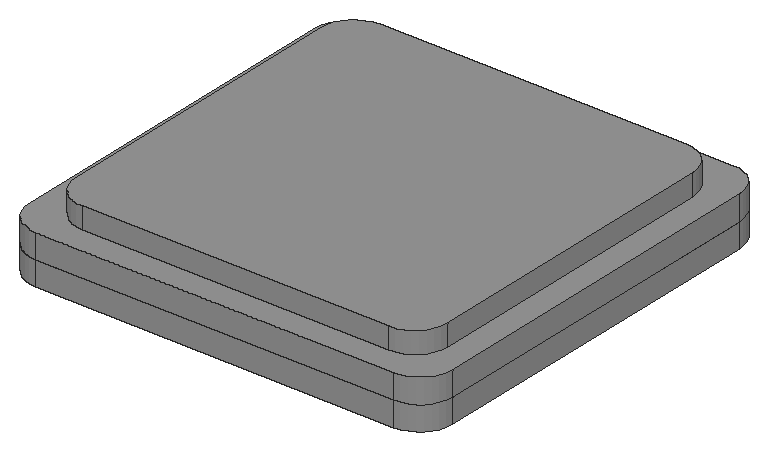
Revit family "FMS2_63_UN_Surface-mounted_ETK", category Lighting Fixtures, Revit 2019 (continued)
Definition of nested family "FMS.2 - Lightsource"
  Types (14, lengths in mm): name | Wattage Comments | Wattage | built-in parameter 1150134 | Photometric Web File | built-in parameter 1150142 | built-in parameter 1150105 | Lumens | built-in parameter 1150107 | built-in parameter 1150106 | Apparent Load
    FMS.1150.10 - Ø270 / 18W / 1120lm / 4000K | "18W" | 7.53996 W | 12 | "FMS.1150.10.ies" | "IESNA:LM-63-2002\r\n[TEST] /2016\r\n[TESTLAB] ies2eulumdat.appspot.com\r\n[ISSUEDATE] 2021-10-05T13:46:04.660\r\n[MANUFAC] www.etk.nl\r\n[LUMCAT] FMS.1130.10\r\n[LUMINAIRE] FMS.1 LED 18W 4000K 1120lm sensor std ø270 Ledeshi Slice circle III MW Sensor\r\n[LAMPCAT] LED\r\n[LAMP] LED\r\nTILT=NONE\r\n1\t1381\t1\t181\t72\t1\t2\t-0.270\t-0.270\t0\r\n1.0\t1.0\t15.30\r\n0\t 0.5\t 1\t 1.5\t 2\t 2.5\t 3\t 3.5\t 4\t 4.5\r\n5\t 5.5\t 6\t 6.5\t 7\t 7.5\t 8\t 8.5\t 9\t 9.5\r\n10\t 10.5\t 11\t 11.5\t 12\t 12.5\t 13\t 13.5\t 14\t 14.5\r\n15\t 15.5\t 16\t 16.5\t 17\t 17.5\t 18\t 18.5\t 19\t 19.5\r\n20\t 20.5\t 21\t 21.5\t 22\t 22.5\t 23\t 23.5\t 24\t 24.5\r\n25\t 25.5\t 26\t 26.5\t 27\t 27.5\t 28\t 28.5\t 29\t 29.5\r\n30\t 30.5\t 31\t 31.5\t 32\t 32.5\t 33\t 33.5\t 34\t 34.5\r\n35\t 35.5\t 36\t 36.5\t 37\t 37.5\t 38\t 38.5\t 39\t 39.5\r\n40\t 40.5\t 41\t 41.5\t 42\t 42.5\t 43\t 43.5\t 44\t 44.5\r\n45\t 45.5\t 46\t 46.5\t 47\t 47.5\t 48\t 48.5\t 49\t 49.5\r\n50\t 50.5\t 51\t 51.5\t 52\t 52.5\t 53\t 53.5\t 54\t 54.5\r\n55\t 55.5\t 56\t 56.5\t 57\t 57.5\t 58\t 58.5\t 59\t 59.5\r\n60\t 60.5\t 61\t 61.5\t 62\t 62.5\t 63\t 63.5\t 64\t 64.5\r\n65\t 65.5\t 66\t 66.5\t 67\t 67.5\t 68\t 68.5\t 69\t 69.5\r\n70\t 70.5\t 71\t 71.5\t 72\t 72.5\t 73\t 73.5\t 74\t 74.5\r\n75\t 75.5\t 76\t 76.5\t 77\t 77.5\t 78\t 78.5\t 79\t 79.5\r\n80\t 80.5\t 81\t 81.5\t 82\t 82.5\t 83\t 83.5\t 84\t 84.5\r\n85\t 85.5\t 86\t 86.5\t 87\t 87.5\t 88\t 88.5\t 89\t 89.5\r\n90\r\n0\t 5\t 10\t 15\t 20\t 25\t 30\t 35\t 40\t 45\r\n50\t 55\t 60\t 65\t 70\t 75\t 80\t 85\t 90\t 95\r\n100\t 105\t 110\t 115\t 120\t 125\t 130\t 135\t 140\t 145\r\n150\t 155\t 160\t 165\t 170\t 175\t 180\t 185\t 190\t 195\r\n200\t 205\t 210\t 215\t 220\t 225\t 230\t 235\t 240\t 245\r\n250\t 255\t 260\t 265\t 270\t 275\t 280\t 285\t 290\t 295\r\n300\t 305\t 310\t 315\t 320\t 325\t 330\t 335\t 340\t 345\r\n350\t 355\r\n502.9602\t502.2697\t501.5792\t501.303\t500.8887\t500.3363\t499.6458\t499.2315\t498.6791\t497.8505\r\n497.16\t496.3314\t495.5028\t494.5361\t493.5694\t492.4646\t491.2217\t490.255\t489.2883\t488.0454\r\n486.8025\t485.4215\t484.0405\t482.6595\t481.2785\t479.7594\t478.2403\t476.5831\t475.064\t473.4068\r\n471.7496\t469.8162\t468.0209\t466.0875\t464.1541\t462.2207\t460.1492\t458.0777\t456.0062\t453.9347\r\n451.7251\t449.6536\t447.5821\t445.2344\t442.7486\t440.2628\t437.777\t435.4293\t433.0816\t430.4577\r\n427.8338\t425.348\t422.8622\t420.2383\t417.4763\t414.5762\t411.8142\t409.0522\t406.2902\t403.5282\r\n400.7662\t397.728\t394.5517\t391.6516\t388.7515\t385.7133\t382.8132\t379.6369\t376.4606\t373.4224\r\n370.2461\t367.2079\t364.1697\t360.7172\t357.4028\t354.0884\t350.774\t347.5977\t344.4214\t340.8308\r\n337.3783\t333.9258\t330.4733\t327.1589\t323.8445\t320.392\t316.9395\t313.2108\t309.6202\t306.1677\r\n302.7152\t298.9865\t295.2578\t291.6672\t288.0766\t284.486\t280.8954\t277.1667\t273.2999\t269.7093\r\n265.9806\t262.2519\t258.5232\t254.7945\t250.9277\t247.3371\t243.7465\t239.8797\t236.0129\t232.008\r\n228.0031\t224.4125\t220.8219\t216.9551\t213.2264\t209.0834\t205.0785\t201.2117\t197.3449\t193.4781\r\n189.6113\t185.4683\t181.4634\t177.7347\t173.8679\t170.0011\t165.9962\t161.9913\t157.8483\t153.9815\r\n150.2528\t146.5241\t142.7954\t138.7905\t134.7718\t130.6978\t126.6239\t122.9366\t119.2355\t115.3687\r\n111.5019\t107.8285\t104.1412\t100.4125\t96.6976\t92.9551\t89.2264\t85.4839\t81.7552\t78.3027\r\n74.864\t71.5496\t68.2352\t64.9761\t61.7031\t58.5544\t55.4057\t52.4228\t49.4398\t46.5397\r\n43.6534\t40.7395\t37.8256\t35.1741\t32.5226\t30.0229\t27.5371\t25.2861\t23.0351\t21.0741\r\n19.113\t16.061\t13.0118\t10.1559\t7.3013\t6.7545\t6.209\t5.8775\t5.5461\t5.3141\r\n5.0821\r\n502.9602\t502.2697\t501.4411\t501.0268\t500.6125\t499.922\t499.2315\t498.6791\t497.9886\t497.16\r\n496.3314\t495.5028\t494.5361\t493.5694\t492.6027\t491.3598\t490.1169\t489.0121\t487.9073\t486.6644\r\n485.4215\t483.9024\t482.5214\t481.0023\t479.4832\t477.9641\t476.3069\t474.6497\t472.9925\t471.3353\r\n469.6781\t467.7447\t465.6732\t463.7398\t461.8064\t459.873\t457.8015\t455.5919\t453.5204\t451.3108\r\n449.1012\t446.8916\t444.8201\t442.3343\t439.9866\t437.3627\t434.8769\t432.3911\t430.0434\t427.4195\r\n424.7956\t422.1717\t419.6859\t416.9239\t414.3\t411.3999\t408.4998\t405.7378\t402.8377\t400.0757\r\n397.3137\t394.2755\t391.0992\t388.061\t385.1609\t382.1227\t379.2226\t376.0463\t372.87\t369.6937\r\n366.6555\t363.4792\t360.3029\t356.9885\t353.6741\t350.3597\t347.0453\t343.7309\t340.4165\t337.1021\r\n333.6496\t330.1971\t326.7446\t323.2921\t319.8396\t316.5252\t313.0727\t309.4821\t305.8915\t302.3009\r\n298.8484\t295.2578\t291.5291\t287.9385\t284.3479\t280.7573\t277.1667\t273.438\t269.7093\t266.1187\r\n262.39\t258.6613\t254.9326\t251.2039\t247.4752\t243.7465\t240.0178\t236.2891\t232.5604\t228.6936\r\n224.8268\t220.96\t217.2313\t213.5026\t209.7739\t205.9071\t202.0403\t198.0354\t194.3067\t190.4399\r\n186.5731\t182.7063\t178.7014\t174.8346\t170.9678\t167.2391\t163.3723\t159.5055\t155.6387\t151.7719\r\n147.9051\t144.1764\t140.4477\t136.6776\t132.8798\t129.0821\t125.2429\t121.4037\t117.7441\t114.0982\r\n110.3833\t106.6684\t103.0778\t99.5425\t96.0485\t92.4027\t88.7983\t85.2353\t81.7276\t78.2751\r\n74.864\t71.522\t68.2352\t65.0451\t61.8964\t58.803\t55.7648\t52.9061\t50.1027\t47.1611\r\n44.2334\t41.2505\t38.1985\t34.9945\t31.3763\t27.8824\t24.7061\t21.7093\t19.0026\t16.572\r\n14.3348\t12.824\t11.5037\t10.3175\t9.319\t8.5871\t8.0858\t7.7612\t2.0356\t0\r\n0\r\n502.9602\t502.1316\t501.303\t500.8887\t500.3363\t499.6458\t498.8172\t498.1267\t497.4362\t496.6076\r\n495.6409\t494.8123\t493.8456\t492.7408\t491.636\t490.3931\t489.1502\t487.9073\t486.8025\t485.4215\r\n484.1786\t482.6595\t481.1404\t479.6213\t478.1022\t476.445\t474.7878\t473.1306\t471.3353\t469.6781\r\n467.8828\t465.9494\t464.016\t461.9445\t460.0111\t457.9396\t455.8681\t453.7966\t451.587\t449.3774\r\n447.1678\t444.9582\t442.7486\t440.4009\t437.9151\t435.4293\t432.9435\t430.3196\t427.8338\t425.348\r\n422.7241\t420.1002\t417.4763\t414.8524\t412.2285\t409.4665\t406.5664\t403.6663\t400.9043\t398.0042\r\n395.2422\t392.3421\t389.3039\t386.1276\t383.2275\t380.3274\t377.2892\t374.251\t371.0747\t367.8984\r\n364.7221\t361.6839\t358.5076\t355.3313\t352.0169\t348.7025\t345.3881\t342.2118\t338.8974\t335.583\r\n332.2686\t328.8161\t325.5017\t322.0492\t318.5967\t315.2823\t311.8298\t308.3773\t305.0629\t301.4723\r\n298.0198\t294.4292\t290.8386\t287.3861\t283.9336\t280.343\t276.7524\t273.2999\t269.7093\t266.1187\r\n262.5281\t258.7994\t255.2088\t251.6182\t247.8895\t244.2989\t240.5702\t236.9796\t233.2509\t229.6603\r\n225.9316\t222.2029\t218.6123\t214.8836\t211.1549\t207.2881\t203.4213\t199.4164\t195.4115\t191.4066\r\n187.5398\t183.673\t179.6681\t175.6632\t171.6583\t167.6534\t163.7866\t159.9198\t156.1911\t152.3243\r\n148.4575\t144.5907\t140.7239\t137.0366\t133.3494\t129.6897\t126.0439\t122.3428\t118.6555\t115.0235\r\n111.4467\t107.9666\t104.5831\t101.2135\t97.7334\t94.2809\t90.8698\t87.3344\t83.7715\t80.3742\r\n77.0322\t73.8145\t70.652\t67.5723\t64.5618\t61.6064\t58.6925\t55.8338\t52.9752\t50.0613\r\n47.175\t43.971\t40.7119\t37.577\t34.5664\t31.6939\t28.9596\t26.3771\t23.9742\t21.806\r\n19.8588\t18.0359\t16.3372\t14.7353\t13.2245\t10.0371\t3.3061\t0\t0\t0\r\n0\r\n502.9602\t502.1316\t501.1649\t500.6125\t500.0601\t499.2315\t498.4029\t497.7124\t496.8838\t496.0552\r\n495.0885\t494.1218\t493.017\t491.9122\t490.8074\t489.5645\t488.1835\t486.9406\t485.6977\t484.4548\r\n483.0738\t481.6928\t480.0356\t478.5165\t476.8593\t475.3402\t473.683\t471.8877\t470.0924\t468.4352\r\n466.6399\t464.8446\t462.7731\t460.7016\t458.7682\t456.6967\t454.6252\t452.5537\t450.3441\t448.1345\r\n445.9249\t443.7153\t441.3676\t439.158\t436.8103\t434.3245\t431.8387\t429.3529\t426.729\t424.2432\r\n421.7574\t419.1335\t416.5096\t413.8857\t411.2618\t408.4998\t405.7378\t402.9758\t400.0757\t397.3137\r\n394.5517\t391.6516\t388.8896\t385.8514\t382.8132\t379.775\t377.013\t373.9748\t370.9366\t367.8984\r\n364.7221\t361.6839\t358.6457\t355.4694\t352.2931\t349.1168\t345.9405\t342.7642\t339.5879\t336.2735\r\n333.0972\t329.7828\t326.4684\t323.154\t319.9777\t316.6633\t313.3489\t309.8964\t306.582\t303.2676\r\n299.9532\t296.6388\t293.1863\t289.3195\t285.4527\t281.8621\t278.1334\t274.4047\t270.5379\t266.8092\r\n263.0805\t259.3518\t255.485\t251.6182\t247.8895\t244.0227\t240.294\t236.4272\t232.6985\t228.8317\r\n225.103\t221.2362\t217.5075\t213.7788\t209.912\t206.0452\t202.1784\t198.5878\t194.8591\t191.2685\r\n187.5398\t183.8111\t179.9443\t176.2156\t172.625\t168.8963\t165.3057\t161.7151\t157.9864\t154.3958\r\n150.8052\t147.3527\t143.7621\t139.8953\t135.9871\t132.0512\t128.0877\t124.1657\t120.5475\t116.9431\r\n113.3525\t109.7757\t106.2265\t102.6912\t99.1972\t95.7862\t92.4441\t89.1574\t85.9534\t82.8186\r\n79.7389\t76.6731\t73.4968\t70.3896\t67.3928\t64.4651\t61.6202\t58.803\t56.0134\t53.2652\r\n50.5722\t47.8516\t45.1587\t42.4934\t39.7866\t37.1075\t34.5112\t31.984\t29.512\t27.109\r\n24.7751\t22.4965\t20.2869\t13.1457\t5.7187\t0\t0\t0\t0\t0\r\n0\r\n502.9602\t501.9935\t501.1649\t500.4744\t499.7839\t498.9553\t498.1267\t497.2981\t496.4695\t495.5028\r\n494.5361\t493.5694\t492.4646\t491.3598\t490.1169\t488.874\t487.493\t486.112\t484.8691\t483.6262\r\n482.2452\t480.7261\t479.207\t477.5498\t476.0307\t474.5116\t472.8544\t471.0591\t469.2638\t467.4685\r\n465.6732\t463.8779\t462.0826\t460.0111\t457.9396\t455.8681\t453.9347\t451.8632\t449.6536\t447.444\r\n445.2344\t443.0248\t440.8152\t438.6056\t436.2579\t433.9102\t431.5625\t429.2148\t426.5909\t424.1051\r\n421.6193\t419.1335\t416.5096\t414.0238\t411.3999\t408.776\t406.1521\t403.3901\t400.6281\t397.8661\r\n395.1041\t392.3421\t389.5801\t386.8181\t384.0561\t381.0179\t378.1178\t375.2177\t372.3176\t369.5556\r\n366.5174\t363.4792\t360.441\t357.4028\t354.3646\t351.4645\t348.2882\t344.8357\t341.2451\t337.7926\r\n334.202\t330.6114\t327.1589\t323.5683\t319.9777\t316.3871\t312.7965\t309.2059\t305.6153\t302.0247\r\n298.296\t294.7054\t291.1148\t287.5242\t283.9336\t280.343\t276.6143\t273.0237\t269.4331\t265.8425\r\n262.2519\t258.5232\t254.9326\t251.342\t247.8895\t244.1608\t240.5702\t236.9796\t233.2509\t229.6603\r\n226.0697\t222.6172\t219.0266\t215.436\t211.8454\t208.3929\t204.9404\t201.4879\t197.8973\t194.1686\r\n190.0256\t185.8826\t181.8777\t178.149\t174.2822\t170.4154\t166.5486\t162.5437\t158.6769\t154.8101\r\n151.0814\t147.3527\t143.624\t139.8953\t136.2495\t132.5898\t128.944\t125.3396\t121.8594\t118.4207\r\n115.0235\t111.6262\t108.2704\t104.7765\t101.2825\t97.83\t94.4328\t91.0908\t87.804\t84.5586\r\n81.3961\t78.2889\t75.2507\t72.2539\t69.2986\t66.3985\t63.5398\t60.7226\t57.9468\t55.24\r\n52.5885\t49.9922\t47.4512\t44.9654\t42.5072\t40.0628\t37.6599\t35.2846\t32.8678\t30.4787\r\n25.3414\t17.1382\t8.953\t0.7955\t0\t0\t0\t0\t0\t0\r\n0\r\n502.9602\t501.9935\t501.0268\t500.1982\t499.5077\t498.6791\t497.7124\t496.8838\t496.0552\t495.0885\r\n494.1218\t493.017\t491.9122\t490.8074\t489.5645\t488.3216\t486.9406\t485.5596\t484.1786\t482.9357\r\n481.5547\t480.1737\t478.6546\t476.9974\t475.4783\t473.8211\t472.1639\t470.5067\t468.7114\t466.9161\r\n465.1208\t463.3255\t461.5302\t459.7349\t457.6634\t455.5919\t453.6585\t451.587\t449.6536\t447.444\r\n445.3725\t443.1629\t440.8152\t438.7437\t436.5341\t434.1864\t431.9768\t429.6291\t427.2814\t424.9337\r\n422.4479\t419.9621\t417.4763\t414.9905\t412.5047\t410.157\t407.5331\t404.9092\t402.2853\t399.6614\r\n397.0375\t394.2755\t391.6516\t388.8896\t386.2657\t383.3656\t380.0512\t376.7368\t373.4224\t369.9699\r\n366.6555\t363.3411\t360.0267\t356.5742\t353.1217\t349.6692\t346.3548\t342.9023\t339.5879\t336.1354\r\n332.5448\t329.0923\t325.6398\t322.3254\t318.8729\t315.4204\t311.9679\t308.5154\t305.0629\t301.6104\r\n298.1579\t294.7054\t291.2529\t287.8004\t284.3479\t280.8954\t277.4429\t273.9904\t270.5379\t267.0854\r\n263.6329\t260.1804\t256.866\t253.4135\t249.961\t246.5085\t243.056\t239.7416\t236.151\t232.1461\r\n228.2793\t224.2744\t220.2695\t216.4027\t212.3978\t208.531\t204.6642\t200.7974\t197.0687\t193.2019\r\n189.3351\t185.4683\t181.7396\t178.149\t174.4203\t170.6916\t166.9629\t163.2342\t159.5055\t155.9149\r\n152.3243\t148.8718\t145.2812\t141.8287\t138.3762\t134.6199\t130.905\t127.2453\t123.6133\t119.9951\r\n116.3907\t112.8277\t109.3062\t105.8537\t102.4426\t99.0729\t95.7447\t92.4303\t89.1712\t85.9396\r\n82.7633\t79.6423\t76.5626\t73.5383\t70.5967\t67.7242\t64.8794\t62.0621\t59.2863\t56.5243\r\n53.79\t51.0832\t48.404\t45.7663\t43.1562\t40.56\t38.0051\t35.4641\t27.8824\t19.8588\r\n11.8435\t3.8226\t0\t0\t0\t0\t0\t0\t0\t0\r\n0\r\n502.9602\t501.9935\t500.8887\t500.0601\t499.3696\t498.4029\t497.5743\t496.6076\t495.6409\t494.6742\r\n493.7075\t492.6027\t491.4979\t490.255\t489.1502\t487.7692\t486.5263\t485.1453\t483.7643\t482.3833\r\n481.0023\t479.6213\t478.2403\t476.7212\t475.064\t473.5449\t471.8877\t470.2305\t468.7114\t466.9161\r\n465.1208\t463.3255\t461.3921\t459.5968\t457.8015\t456.0062\t453.9347\t451.8632\t449.9298\t447.9964\r\n445.9249\t443.8534\t441.6438\t439.4342\t437.3627\t435.1531\t433.0816\t430.872\t428.5243\t426.1766\r\n423.967\t421.7574\t419.4097\t416.9239\t414.5762\t412.0904\t409.6046\t406.8426\t403.9425\t400.7662\r\n397.4518\t394.2755\t391.0992\t387.9229\t384.7466\t381.5703\t378.2559\t375.0796\t371.9033\t368.727\r\n365.4126\t362.2363\t358.7838\t355.4694\t352.2931\t349.1168\t345.8024\t342.3499\t339.0355\t335.7211\r\n332.5448\t329.2304\t325.916\t322.6016\t319.2872\t315.9728\t312.6584\t309.344\t306.0296\t302.7152\r\n299.4008\t296.2245\t292.9101\t289.7338\t286.4194\t283.105\t279.9287\t276.6143\t273.2999\t269.5712\r\n265.7044\t261.9757\t257.9708\t254.104\t250.2372\t246.3704\t242.5036\t238.7749\t234.9081\t231.1794\r\n227.3126\t223.5839\t219.7171\t215.9884\t212.2597\t208.531\t204.9404\t201.2117\t197.6211\t193.8924\r\n190.3018\t186.5731\t182.9825\t179.3919\t175.8013\t172.2107\t168.7582\t165.1676\t161.4389\t157.5721\r\n153.7053\t149.9766\t146.2479\t142.6573\t139.0667\t135.4485\t131.8303\t128.2535\t124.7043\t121.1689\r\n117.6612\t114.1949\t110.7424\t107.3866\t104.0722\t100.7854\t97.54\t94.2532\t90.9527\t87.6797\r\n84.462\t81.2719\t78.1232\t75.0159\t71.9501\t68.9119\t65.9151\t62.9598\t60.0459\t57.1596\r\n54.3009\t51.4561\t48.6526\t45.8492\t43.0872\t38.9718\t31.0587\t23.1318\t15.2186\t7.3069\r\n0\t0\t0\t0\t0\t0\t0\t0\t0\t0\r\n0\r\n502.9602\t501.8554\t500.8887\t499.922\t499.0934\t498.2648\t497.2981\t496.3314\t495.3647\t494.398\r\n493.2932\t492.1884\t491.0836\t489.9788\t488.7359\t487.493\t486.2501\t484.8691\t483.4881\t482.1071\r\n480.7261\t479.3451\t477.9641\t476.5831\t475.064\t473.5449\t471.8877\t470.2305\t468.5733\t467.0542\r\n465.397\t463.6017\t461.8064\t460.0111\t458.2158\t456.4205\t454.6252\t452.8299\t450.7584\t448.6869\r\n446.7535\t444.9582\t443.0248\t440.9533\t438.8818\t436.6722\t434.6007\t432.3911\t430.4577\t428.3862\r\n426.1766\t423.1384\t420.2383\t417.3382\t414.4381\t411.3999\t408.3617\t405.3235\t402.2853\t399.109\r\n396.0708\t393.1707\t390.2706\t387.0943\t383.918\t380.7417\t377.5654\t374.5272\t371.3509\t368.1746\r\n365.1364\t361.9601\t358.9219\t355.7456\t352.7074\t349.5311\t346.3548\t343.1785\t339.8641\t336.8259\r\n333.6496\t330.4733\t327.297\t323.9826\t320.9444\t317.7681\t314.7299\t311.5536\t308.3773\t305.201\r\n302.0247\t298.4341\t294.7054\t290.9767\t287.1099\t283.3812\t279.6525\t275.7857\t272.057\t268.4664\r\n264.7377\t261.009\t257.2803\t253.5516\t249.8229\t246.0942\t242.3655\t238.7749\t235.0462\t231.4556\r\n227.865\t224.1363\t220.5457\t216.9551\t213.3645\t209.7739\t206.1833\t202.7308\t199.1402\t195.5496\r\n192.0971\t188.3684\t184.5016\t180.6348\t176.768\t173.0393\t169.1725\t165.4438\t161.7151\t158.1245\r\n154.3958\t150.8052\t147.0765\t143.4859\t139.8953\t136.3047\t132.7417\t129.2064\t125.6986\t122.2185\r\n118.766\t115.3273\t111.9162\t108.5328\t105.1632\t101.8211\t98.5067\t95.2061\t91.947\t88.7154\r\n85.4977\t82.3076\t79.1451\t75.9826\t72.8616\t69.7405\t66.6333\t63.5536\t60.4878\t57.4358\r\n54.3976\t51.387\t48.3902\t43.0596\t35.1465\t27.2471\t19.3478\t11.4471\t3.5519\t0\r\n0\t0\t0\t0\t0\t0\t0\t0\t0\t0\r\n0\r\n502.9602\t501.8554\t500.7506\t499.7839\t498.9553\t498.1267\t497.16\t496.0552\t495.0885\t494.1218\r\n493.017\t492.0503\t490.8074\t489.7026\t488.4597\t487.2168\t485.9739\t484.731\t483.35\t482.1071\r\n480.7261\t479.3451\t477.9641\t476.445\t475.064\t473.683\t472.1639\t470.5067\t468.9876\t467.3304\r\n465.8113\t464.1541\t462.635\t460.8397\t459.0444\t457.2491\t455.4538\t453.7966\t452.0013\t450.206\r\n448.4107\t446.3392\t444.4058\t442.6105\t440.8152\t439.0199\t436.2579\t433.3578\t430.4577\t427.5576\r\n424.7956\t421.8955\t419.1335\t416.2334\t413.3333\t410.2951\t407.395\t404.4949\t401.7329\t398.8328\r\n395.7946\t392.7564\t389.7182\t386.68\t383.6418\t380.7417\t377.8416\t374.9415\t371.9033\t368.8651\r\n365.6888\t362.7887\t359.7505\t356.7123\t353.6741\t350.6359\t347.5977\t344.6976\t341.6594\t338.7593\r\n335.7211\t332.6829\t329.7828\t326.6065\t323.4302\t319.7015\t315.9728\t312.3822\t308.6535\t304.7867\r\n301.058\t297.4674\t293.7387\t290.1481\t286.5575\t282.8288\t279.2382\t275.6476\t271.9189\t268.3283\r\n264.5996\t261.009\t257.4184\t253.8278\t250.2372\t246.6466\t243.1941\t239.6035\t236.0129\t232.5604\r\n229.1079\t225.5173\t222.0648\t218.4742\t215.0217\t211.4311\t207.5643\t203.6975\t199.9688\t196.102\r\n192.3733\t188.5065\t184.7778\t181.0491\t177.1823\t173.4536\t169.863\t166.1343\t162.4056\t158.815\r\n155.2244\t151.6338\t147.9051\t144.4526\t140.862\t137.3128\t133.7637\t130.2421\t126.7344\t123.2404\r\n119.7465\t116.3078\t112.8829\t109.4719\t106.0884\t102.7188\t99.3629\t96.0209\t92.6927\t89.3783\r\n86.0777\t82.791\t79.5318\t76.2726\t73.0411\t69.8234\t66.6194\t63.4293\t60.253\t57.0905\r\n53.9419\t48.1831\t40.2285\t32.274\t24.3332\t16.4063\t8.4669\t0.5338\t0\t0\r\n0\t0\t0\t0\t0\t0\t0\t0\t0\t0\r\n0\r\n502.9602\t501.8554\t500.7506\t499.6458\t498.8172\t497.8505\t497.0219\t495.9171\t494.8123\t493.8456\r\n492.7408\t491.7741\t490.6693\t489.5645\t488.4597\t487.2168\t485.9739\t484.731\t483.35\t482.1071\r\n480.7261\t479.3451\t478.1022\t476.7212\t475.3402\t473.8211\t472.4401\t471.0591\t469.54\t468.0209\r\n466.5018\t464.8446\t463.3255\t461.8064\t460.2873\t458.
